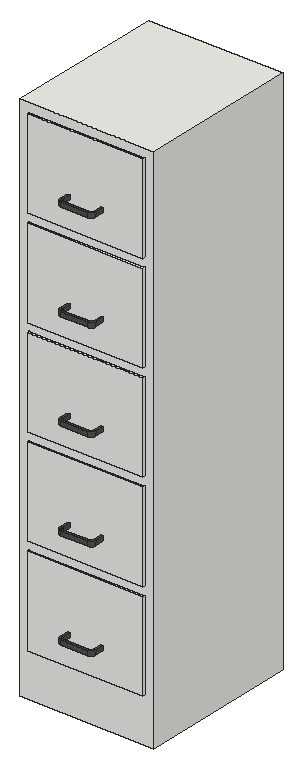
Revit family
Parameters (values of type "15" x 18"")
  Assembly Code = "E2020200"
  Cabinet Material = Metal - Paint Finish - Ivory, Glossy
  Depth = 1' - 6"
  Handle Material = Metal - Chrome
  Height = 5' - 0"
  Width = 1' - 3"
Types (7): name | Depth | Width
  (no name) | 1' - 6" | 1' - 3"
  15" x 18" | 1' - 6" | 1' - 3"
  15" x 25" | 2' - 1" | 1' - 3"
  15" x 29" | 2' - 5" | 1' - 3"
  18" x 29" | 2' - 5" | 1' - 6"
  42" x 15" Lat. | 1' - 3" | 3' - 6"
  42" x 18" Lat. | 1' - 6" | 3' - 6"
Reference planes (in)
  plane 1 "Center (Front/Back)": y = -5.59584
  plane 2: z = 0
  plane 3 "Center (Left/Right)": x = -5.03529
  plane 4: x = 2.46471
  plane 5: x = -12.53529
  plane 6: y = 3.40416
  plane 7: y = -14.59584
  plane 8: z = 60
  plane 9: y = -14.84584
Forms (in)
  Extrusion 1, solid, material "Metal - Paint Finish - Ivory, Glossy"
    sketch origin (0, 3.40416, 0) x (1, 0, 0) y (0, 0, 1)
      loop
        line (-11.53529, 59) -> (-11.53529, 49) -> (1.46471, 49) -> (1.46471, 59) -> (-11.53529, 59)
      loop
        line (-11.53529, 48) -> (-11.53529, 38) -> (1.46471, 38) -> (1.46471, 48) -> (-11.53529, 48)
      loop
        line (-11.53529, 37) -> (-11.53529, 27) -> (1.46471, 27) -> (1.46471, 37) -> (-11.53529, 37)
      loop
        line (-11.53529, 26) -> (-11.53529, 16) -> (1.46471, 16) -> (1.46471, 26) -> (-11.53529, 26)
      loop
        line (-11.53529, 15) -> (-11.53529, 5) -> (1.46471, 5) -> (1.46471, 15) -> (-11.53529, 15)
    from 18 to 18.25
  Extrusion 2, solid, material "Metal - Paint Finish - Ivory, Glossy" <- "Cabinet Material"
    sketch origin (0, 0, 0) x (1, 0, 0) y (0, 1, 0)
      loop
        line (-12.53529, 3.40416) -> (-12.53529, -14.59584) -> (2.46471, -14.59584) -> (2.46471, 3.40416) -> (-12.53529, 3.40416)
    from 0 to 60
  Sweep 3, solid, material "Metal - Chrome" <- "Handle Material"
    path origin (0, 0, 0) x (1, 0, 0) y (0, 1, 0)
      loop
        line (-7.03529, -14.84584) -> (-7.03529, -15.84584)
        arc (-7.03529, -15.84584) -> (-6.88885, -16.19939) -> (-6.53529, -16.34584) r 0.5
        line (-6.53529, -16.34584) -> (-3.53529, -16.34584)
        arc (-3.53529, -16.34584) -> (-3.18174, -16.19939) -> (-3.03529, -15.84584) r 0.5
        line (-3.03529, -15.84584) -> (-3.03529, -14.84584)
    profile origin (0, -15.34584, 0) x (1, 0, 0) y (0, 0, 1)
      loop
        line (-7.03529, 8) -> (-6.78529, 8) -> (-6.78529, 8.5) -> (-7.03529, 8.5) -> (-7.03529, 8)
      loop
        line (-7.03529, 19) -> (-6.78529, 19) -> (-6.78529, 19.5) -> (-7.03529, 19.5) -> (-7.03529, 19)
      loop
        line (-7.03529, 30) -> (-6.78529, 30) -> (-6.78529, 30.5) -> (-7.03529, 30.5) -> (-7.03529, 30)
      loop
        line (-7.03529, 41) -> (-6.78529, 41) -> (-6.78529, 41.5) -> (-7.03529, 41.5) -> (-7.03529, 41)
      loop
        line (-7.03529, 52) -> (-6.78529, 52) -> (-6.78529, 52.5) -> (-7.03529, 52.5) -> (-7.03529, 52)
Lines and regions (in)
  Masking region 1
    outline origin (0, 0, 0) x (1, 0, 0) y (0, 1, 0)
      loop
        line (-12.53529, 3.40416) -> (-12.53529, -14.59584) -> (2.46471, -14.59584) -> (2.46471, 3.40416) -> (-12.53529, 3.40416)
  Masking region 2
    outline origin (0, 0, 0) x (1, 0, 0) y (0, 1, 0)
      loop
        line (-11.53529, -14.59584) -> (-11.53529, -14.84584) -> (1.46471, -14.84584) -> (1.46471, -14.59584) -> (-11.53529, -14.59584)
  symbolic lines
    curve 1: line (-6.78529, -15.84584, 0) -> (-6.78529, -14.84584, 0)
    curve 2: line (-3.53529, -16.09584, 0) -> (-6.53529, -16.09584, 0)
    curve 3: line (-3.28529, -14.84584, 0) -> (-3.28529, -15.84584, 0)
    curve 4: arc (-3.53529, -16.09584, 0) -> (-3.35852, -16.02262, 0) -> (-3.28529, -15.84584, 0) r 0.25
    curve 5: arc (-6.78529, -15.84584, 0) -> (-6.71207, -16.02262, 0) -> (-6.53529, -16.09584, 0) r 0.25
Dimensions and locks (in)
  equal spacing: plane 5, plane 3 "Center (Left/Right)", plane 4
  equal spacing: plane 7, plane 1 "Center (Front/Back)", plane 6
  "Width": plane 5 to plane 4
  "Depth": plane 7 to plane 6
  "Height": plane 8 to plane 2
  plane 7 to plane 9 = 0' - 0 1/4"
  aligned and locked: Extrusion 1 to plane 7
  aligned and locked: plane 9 to Extrusion 1
  aligned and locked: Extrusion 2 to plane 8
  aligned and locked: Extrusion 2 to level
  aligned and locked: Masking region 1 sketch curve to plane 5
  aligned and locked: plane 4 to Masking region 1 sketch curve
  aligned and locked: plane 6 to Masking region 1 sketch curve
  aligned and locked: Masking region 1 sketch curve to plane 7
  aligned and locked: Masking region 2 sketch curve to plane 9
  aligned and locked: plane 7 to Masking region 2 sketch curve
  aligned and locked: Masking region 2 sketch curve to Extrusion 1  (x2)
  aligned and locked: curve 1 to Sweep 3
  aligned and locked: curve 2 to Sweep 3
  aligned and locked: curve 3 to Sweep 3
  aligned: curve 5 to Sweep 3
Automatic sketch dimensions
  Extrusion 1 sketch curve to plane 5 = 0' - 1"  (x3)
  Extrusion 1 sketch curve to Extrusion 1 sketch curve = 0' - 0"  (x3)
  plane 4 to Extrusion 1 sketch curve = 0' - 1"  (x4)
  level to Extrusion 1 sketch curve = 0' - 5"
  plane 8 to Extrusion 1 sketch curve = 0' - 1"
  Extrusion 1 sketch curve to Extrusion 1 sketch curve = 0' - 10"  (x4)
  Extrusion 1 sketch curve to Extrusion 1 sketch curve = 0' - 1"  (x4)
  Sweep 3 sketch curve to profile plane = 0' - 0"  (x5)
  Sweep 3 sketch curve to profile plane = 0' - 0 1/4"  (x5)
  level to Sweep 3 sketch curve = 0' - 8"
  Sweep 3 sketch curve to Sweep 3 sketch curve = 0' - 0 1/2"  (x6)
  Sweep 3 sketch curve to Sweep 3 sketch curve = 0' - 10 1/2"  (x4)
  Sweep 3 sketch curve to plane 9 = 0' - 0"  (x2)
  plane 9 to Sweep 3 sketch curve = 0' - 1"
  Sweep 3 sketch curve to plane 3 "Center (Left/Right)" = 0' - 2"
  Sweep 3 sketch curve to plane 3 "Center (Left/Right)" = 0' - 1 1/2"
  plane 3 "Center (Left/Right)" to Sweep 3 sketch curve = 0' - 1 1/2"
  Extrusion 2 sketch curve to plane 7 = 0' - 0"
  Extrusion 2 sketch curve to plane 5 = 0' - 0"
  Extrusion 2 sketch curve to plane 6 = 0' - 0"
  Extrusion 2 sketch curve to plane 4 = 0' - 0"
  curve 1 to plane 9 = 0' - 0"
  curve 3 to plane 9 = 0' - 0"
  curve 2 to curve 3 = 0' - 0 1/4"
  curve 1 to curve 5 = 0' - 0 1/4"
